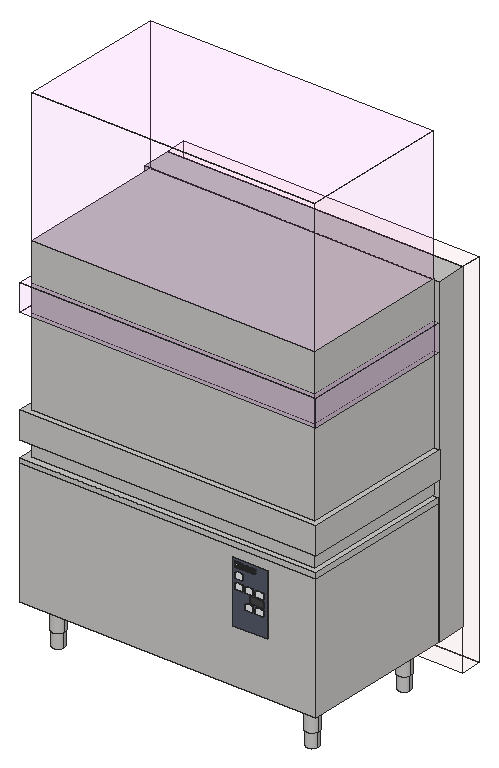
Revit family "QF_ELECTROLUXPROFESSIONAL_506066_EPPWEALMS", category Attrezzature speciali, Revit 2020
Family settings
  Quota connettore circolare = Usa diametro
  Tipo di parte = Normale
  Basato su piano di lavoro = No
  Sempre verticale = Sì
  Taglio con vuoti quando caricato = No
  Condiviso = No
  Punto di calcolo locali = No
Parameters (values of type "Standard")
  Weight = 270.00 kg
  Watts = 15500 W
  Volts = 400 V
  URL Manufacturer = "https://www.electroluxprofessional.com/"
  URL = "https://www.electroluxprofessional.com/"
  Steam Supply Size = 0 mm
  Steam Supply Minimum Pressure = 0.0 Pa
  Steam Supply Maximum Pressure = 0.0 Pa
  Steam Consumption per Hour = 0
  Show Logo [instance] = yes
  Show Clearance [instance] = yes
  Refrigeration Suction Line Size = 0 mm
  Refrigeration Liquid Line Size = 0 mm
  Refrigerant Compressor Remote = yes
  Prospetto di default = 0 mm
  Produttore = "Electrolux Professional"
  Phase = 3
  Modello = "EPPWEALMS"
  Length Actual = 1433 mm  # constant formula
  Item Number = "506066"
  Hot Water Size = 19.05 mm
  Height Actual = 1760 mm  # constant formula
  HP = "20.8 HP"
  Gas Size = 0 mm
  Gas KW = 0
  Gas Input Pressure = 0 W
  Direct Waste Size = 36 mm
  Descrizione = "POT&P WASH.,AUTO,FRONT/S,MULTIR.,1433MM"
  Depth Actual = 890 mm  # constant formula
  Cycle = 50 Hz
  Condensate Return Size = 0 mm
  Compressed Air Volume = 0.0 L/s
  Compressed Air Size = 0 mm
  Compressed Air Pressure = 0.0 Pa
  Cold Water Size = 19.05 mm
  Accessory = yes
Reference planes
  plane 1 "Center (Front/Back)": y = -5
  plane 2: z = 0
  plane 3: x = -63
  plane 4 "LEFT": x = -777
  plane 5: x = 651
  plane 6: y = -440
  plane 7 "BACK": y = 450
  plane 8: z = 1760
  plane 9: y = -334
  plane 10: x = -677
  plane 11: y = 221
  plane 12: x = 551
  plane 13: z = 800
  plane 14: y = 310
  plane 15: z = 2400
Forms (mm)
  Extrusion 1, solid, material "QF_Finishes_Stainless Steel"
    sketch origin (0, 0, 0) x (1, 0, 0) y (0, 1, 0)
      loop
        line (-777, 300) -> (-777, -440) -> (651, -440) -> (651, 300) -> (-777, 300)
    from 200 to 800
  Extrusion 2, solid, material "QF_Finishes_Clearance", visible <- "Show Clearance"
    sketch origin (0, 0, 0) x (1, 0, 0) y (0, 1, 0)
      loop
        line (-777, 450) -> (651, 450) -> (651, 550) -> (-777, 550) -> (-777, 450)
    from 0 to 1760
  Extrusion 3, solid, material "QF_Finishes_Stainless Steel"
    sketch origin (-402.159, 705.464, 194.383) x (1, 0, 0) y (0, 1, 0)
      loop
        circle (677.159, -777.464) r 10
    from -9.383 to 5.617
  Extrusion 4, solid, material "QF_Finishes_Stainless Steel"
    sketch origin (0, 0, 800) x (1, 0, 0) y (0, 1, 0)
      loop
        line (621, -409.3) -> (621, 310) -> (-747, 310) -> (-747, -409.3) -> (621, -409.3)
    from 25 to 960
  Extrusion 5, solid, material "QF_Finishes_Stainless Steel"
    sketch origin (0, 0, 600) x (1, 0, 0) y (0, 1, 0)
      loop
        line (-777, 300) -> (-777, -440) -> (651, -440) -> (651, 300) -> (-777, 300)
    from 200 to 225
  Extrusion 6, solid, material "QF_Finishes_Stainless Steel"
    sketch origin (0, 0, 30) x (1, 0, 0) y (0, 1, 0)
      loop
        line (-777, 310) -> (-777, -440) -> (651, -440) -> (651, 310) -> (621, 310) -> (621, -409.3) -> (-747, -409.3) -> (-747, 310) -> (-777, 310)
    from 870 to 1000
  Extrusion 7, solid, material "QF_Finishes_Stainless Steel"
    sketch origin (0, 0, 0) x (1, 0, 0) y (0, 1, 0)
      loop
        line (-777, 450) -> (-777, 310) -> (651, 310) -> (651, 450) -> (-777, 450)
    from 200 to 1760
  Extrusion 8, solid, material "QF_Finishes_Door Clearance", visible <- "Show Clearance"
    sketch origin (0, 0, 1440) x (1, 0, 0) y (0, 1, 0)
      loop
        line (621, -409.3) -> (621, 310) -> (-747, 310) -> (-747, -409.3) -> (621, -409.3)
    from 140 to 960
  Extrusion 9, solid, material "QF_Finishes_Door Clearance", visible <- "Show Clearance"
    sketch origin (0, 0, 580) x (1, 0, 0) y (0, 1, 0)
      loop
        line (-777, 310) -> (-777, -440) -> (651, -440) -> (651, 310) -> (621, 310) -> (621, -409.3) -> (-747, -409.3) -> (-747, 310) -> (-777, 310)
    from 870 to 1000
  Extrusion 10, solid, material "QF_Finishes_Stainless Steel"
    sketch origin (-85.596, 450, 43.977) x (1, 0, 0) y (0, 0, -1)
      loop
        line (707.596, -163.023) -> (707.596, -183.023) -> (727.596, -183.023) -> (727.596, -163.023) -> (707.596, -163.023)
    from 0 to 2
  Extrusion 11, solid, material "QF_Finishes_Stainless Steel"
    sketch origin (-452.159, 655.464, 194.383) x (1, 0, 0) y (0, 1, 0)
      loop
        circle (677.159, -777.464) r 10
    from -9.383 to 5.617
  Extrusion 12, solid, material "QF_Finishes_Stainless Steel"
    sketch origin (-459.159, 655.464, 194.383) x (1, 0, 0) y (0, 1, 0)
      loop
        circle (377.159, -762.464) r 10
    from -9.383 to 5.617
  Extrusion 13, solid, material "QF_Finishes_Stainless Steel"
    sketch origin (609.404, -63.023, 198) x (0, -1, 0) y (1, 0, 0)
      loop
        line (-163.023, 6.596) -> (-163.023, 26.596) -> (-183.023, 26.596) -> (-183.023, 6.596) -> (-163.023, 6.596)
    from 0 to 2
Cuts and joins
  joined: Extrusion 4, Extrusion 6
Dimensions and locks
  plane 7 "BACK" to plane 6 = 890 mm  (x2)
  plane 4 "LEFT" to plane 5 = 1428 mm
  equal spacing: plane 5, plane 3, plane 4 "LEFT"
  Extrusion 5 to Extrusion 2 = 825 mm
  Extrusion 4 to Extrusion 5 = 935 mm
  plane 8 to level = 1760 mm
  plane 11 to plane 9 = 555 mm
  level to plane 8 = 1760 mm
  level to plane 15 = 2400 mm
  plane 15 to level = 2400 mm
  aligned and locked: level to plane 2
  aligned and locked: Extrusion 1 to plane 6
Automatic sketch dimensions
  Extrusion 2 sketch curve to plane 4 "LEFT" = 0 mm
  Extrusion 2 sketch curve to plane 5 = 0 mm
  Extrusion 2 sketch curve to plane 7 "BACK" = 0 mm
  Extrusion 2 sketch curve to Extrusion 2 sketch curve = 100 mm
  Extrusion 4 sketch curve to plane 14 = 0 mm
  plane 4 "LEFT" to Extrusion 4 sketch curve = 30 mm
  Extrusion 4 sketch curve to plane 5 = 30 mm
  Extrusion 7 sketch curve to plane 4 "LEFT" = 0 mm
  Extrusion 7 sketch curve to plane 5 = 0 mm
  Extrusion 7 sketch curve to plane 14 = 0 mm
  Extrusion 7 sketch curve to plane 7 "BACK" = 0 mm
  Extrusion 8 sketch curve to plane 14 = 0 mm
  plane 4 "LEFT" to Extrusion 8 sketch curve = 30 mm
  Extrusion 8 sketch curve to plane 5 = 30 mm
  Extrusion 10 sketch curve to plane 5 = 29 mm
  Extrusion 10 sketch curve to plane 5 = 9 mm
  level to Extrusion 10 sketch curve = 227 mm
  Extrusion 10 sketch curve to Extrusion 10 sketch curve = 20 mm
  Extrusion 1 sketch curve to plane 4 "LEFT" = 0 mm
  Extrusion 1 sketch curve to plane 5 = 0 mm
  Extrusion 1 sketch curve to plane 6 = 0 mm
  Extrusion 1 sketch curve to plane 14 = 10 mm
  Extrusion 5 sketch curve to plane 4 "LEFT" = 0 mm
  Extrusion 5 sketch curve to plane 5 = 0 mm
  Extrusion 5 sketch curve to plane 6 = 0 mm
  Extrusion 5 sketch curve to plane 14 = 10 mm
  Extrusion 6 sketch curve to plane 4 "LEFT" = 0 mm
  Extrusion 6 sketch curve to plane 14 = 0 mm  (x2)
  Extrusion 6 sketch curve to plane 5 = 0 mm
  Extrusion 6 sketch curve to plane 6 = 0 mm
  plane 4 "LEFT" to Extrusion 6 sketch curve = 30 mm
  Extrusion 6 sketch curve to plane 5 = 30 mm
  Extrusion 9 sketch curve to plane 4 "LEFT" = 0 mm
  Extrusion 9 sketch curve to plane 14 = 0 mm  (x2)
  Extrusion 9 sketch curve to plane 5 = 0 mm
  Extrusion 9 sketch curve to plane 6 = 0 mm
  plane 4 "LEFT" to Extrusion 9 sketch curve = 30 mm
  Extrusion 9 sketch curve to plane 5 = 30 mm
  plane 4 "LEFT" to Extrusion 12 sketch curve = 695 mm
  plane 6 to Extrusion 12 sketch curve = 333 mm
  plane 3 to Extrusion 3 sketch curve = 338 mm
  plane 6 to Extrusion 4 sketch curve = 30.7 mm
  plane 6 to Extrusion 6 sketch curve = 30.7 mm
  plane 6 to Extrusion 8 sketch curve = 30.7 mm
  plane 6 to Extrusion 9 sketch curve = 30.7 mm
  plane 3 to Extrusion 11 sketch curve = 288 mm
  plane 1 "Center (Front/Back)" to Extrusion 3 sketch curve = 67 mm
  plane 1 "Center (Front/Back)" to Extrusion 11 sketch curve = 117 mm
  Extrusion 13 sketch curve to plane 7 "BACK" = 330 mm
  Extrusion 13 sketch curve to Extrusion 13 sketch curve = 20 mm  (x2)
  Extrusion 13 sketch curve to plane 5 = 35 mm
  radius of Extrusion 3 sketch curve = 10 mm
  radius of Extrusion 11 sketch curve = 10 mm
  radius of Extrusion 12 sketch curve = 10 mm
Nested families
  nested 1: "Piedino H200 - DISHWASHING" at (-677, -334, 0), type "Piedino H200 - DISHWASHING"
    with H 200 mm
  nested 2: "Piedino H200 - DISHWASHING" at (-677, 221, 0), type "Piedino H200 - DISHWASHING"
    with H 200 mm
  nested 3: "Piedino H200 - DISHWASHING" at (551, -334, 0) x (-1, 0, 0) z (0, 0, 1), type "Piedino H200 - DISHWASHING"
    with H 200 mm
  nested 4: "Piedino H200 - DISHWASHING" at (551, 221, 0) x (-1, 0, 0) z (0, 0, 1), type "Piedino H200 - DISHWASHING"
    with H 200 mm
  nested 5: "Tastierino_LARGE_ROUNCORNER_DISHWASHING_BLUE" at (334.061, -440, 606.153) x (-1, 0, 0) z (0, -1, 0), type "Tastierino_LARGE_ROUNCORNER_DISHWASHING_BLUE"
    with Show Logo yes
  nested 6: "ELX_LOGO_MONO_SMALL_WHITE" at (262.14, -440.8, 681.153) x (-1, 0, 0) z (0, -1, 0), visible <- "Show Logo", Show Logo <- "Show Logo", type "ELX_LOGO_MONO_SMALL_WHITE"
    with Show Logo yes
  nested 7: "ELX_LOGO_WORDS_WHITE" at (324.061, -440.8, 730.364) x (1, 0, 0) z (0, -1, 0), visible <- "Show Logo", Show Logo <- "Show Logo", type "ELX_LOGO_WORDS_WHITE"
    with Show Logo yes
Connectors
  piping at (275, -72, 185), diameter 12.9
    settings: on Extrusion 3, index 54, connector inside diameter 609.6 mm, connector length 0 mm, flow factor 0, pipe flow 0.0 L/s, pressure drop 0.0 Pa, fitting loss kfactor 0, connector angle 0.00°, fixture units 0, engagement length 0 mm, angle of deflection 0.00°, flow configuration 0, flow direction 0, fitting loss method 0, system type 29, joint type 0, gender type 0, connector reference index -1, connector utility 0, adjustable connector no, is connector primary yes, connector description "XD"
  electrical at (632, 450, 217)
    settings: on Extrusion 10, index 72, voltage 0 V, apparent load 0 VA, apparent load phase1 0 VA, apparent load phase2 0 VA, apparent load phase3 0 VA, power factor 1, load classification "Altro", number of poles 1, system type 30, power factor state 1, is connector primary yes, connector utility no, sub classification motor no, connector description "EQ"
  piping at (225, -122, 185), diameter 12.9
    settings: on Extrusion 11, index 73, connector inside diameter 609.6 mm, connector length 0 mm, flow factor 0, pipe flow 0.0 L/s, pressure drop 0.0 Pa, fitting loss kfactor 0, connector angle 0.00°, fixture units 0, engagement length 0 mm, angle of deflection 0.00°, flow configuration 0, flow direction 0, fitting loss method 0, system type 29, joint type 0, gender type 0, connector reference index -1, connector utility 0, adjustable connector no, is connector primary no, connector description "HWI"
  piping at (-82, -107, 185), diameter 12.9
    settings: on Extrusion 12, index 74, connector inside diameter 609.6 mm, connector length 0 mm, flow factor 0, pipe flow 0.0 L/s, pressure drop 0.0 Pa, fitting loss kfactor 0, connector angle 0.00°, fixture units 0, engagement length 0 mm, angle of deflection 0.00°, flow configuration 0, flow direction 0, fitting loss method 0, system type 29, joint type 0, gender type 0, connector reference index -1, connector utility 0, adjustable connector no, is connector primary no, connector description "D"
  electrical at (626, 110, 198)
    settings: on Extrusion 13, index 75, voltage 0 V, apparent load 0 VA, apparent load phase1 0 VA, apparent load phase2 0 VA, apparent load phase3 0 VA, power factor 1, load classification "Altro", number of poles 1, system type 30, power factor state 1, is connector primary no, connector utility no, sub classification motor no, connector description "EI"
Definition of nested family "Piedino H200 - DISHWASHING"
  Parameters (values of type "Piedino H200 - DISHWASHING")
    Default Elevation = 0 mm
    H [instance] = 200 mm
  Reference planes
    plane 1 "Centro (Fronte/Retro)": y = 0
    plane 2: z = 0
    plane 3 "Centro (Sinistra/Destra)": x = 0
    plane 4: z = 70.047
  Forms (mm)
    Revolve 1, solid
      sketch origin (55, 0, 0) x (-1, 0, 0) y (0, 0, -1)
        loop
          line (55, 0) -> (27.6, 0) -> (27.6, -70.047) -> (22.6, -70.047) -> (22.6, -200) -> (55, -200) -> (55, 0)
        axis (55, 0) -> (55, -200)
      angle from 0 to 360
  Dimensions and locks
    "H": Revolve 1 to plane 2
    aligned and locked: level to plane 2
  Automatic sketch dimensions
    Revolve 1 sketch curve to plane 4 = 0 mm
    Revolve 1 sketch curve to level = 0 mm
    Revolve 1 sketch curve to plane 3 "Centro (Sinistra/Destra)" = 0 mm  (x2)
    plane 3 "Centro (Sinistra/Destra)" to Revolve 1 sketch curve = 27.4 mm
    Revolve 1 sketch curve to Revolve 1 sketch curve = 5 mm
    Revolve 1 sketch curve to plane 4 = 129.953 mm
    Revolve 1 sketch curve to Revolve 1 sketch curve = 0 mm
    Revolve 1 sketch curve to Revolve 1 sketch curve = 20 mm
Definition of nested family "Tastierino_LARGE_ROUNCORNER_DISHWASHING_BLUE"
  Parameters
    Show Logo [instance] = yes
    Default Elevation = 1219.2 mm
  Reference planes
    plane 1 "Centro (Fronte/Retro)": y = 0
    plane 2: z = 0
    plane 3 "Centro (Sinistra/Destra)": x = 0
  Forms (mm)
    Extrusion 1, solid
      sketch origin (0, 0, 0) x (1, 0, 0) y (0, 1, 0)
        loop
          line (-1219.2, 1219.2) -> (-1219.2, -1219.2) -> (1219.2, -1219.2) -> (1219.2, 1219.2) -> (-1219.2, 1219.2)
      from 0 to -304.8
    Extrusion 2, solid
      sketch origin (0, 0, 0) x (1, 0, 0) y (0, 1, 0)
        loop
          line (-84.444, 147.62) -> (-84.444, -147.62) -> (84.444, -147.62) -> (84.444, 147.62) -> (-84.444, 147.62)
        loop
          arc (-63.183, 58.723) -> (-64.598, 58.137) -> (-65.183, 56.723) r 2
          line (-65.183, 56.723) -> (-65.183, 30.723)
          arc (-65.183, 30.723) -> (-64.598, 29.308) -> (-63.183, 28.723) r 2
          line (-63.183, 28.723) -> (-40.183, 28.723)
          arc (-40.183, 28.723) -> (-29.577, 33.116) -> (-25.183, 43.723) r 15
          line (-25.183, 43.723) -> (-25.183, 56.723)
          arc (-25.183, 56.723) -> (-25.769, 58.137) -> (-27.183, 58.723) r 2
          line (-27.183, 58.723) -> (-63.183, 58.723)
        loop
          line (-65.183, 22.208) -> (-65.183, -7.792) -> (0, -7.792) -> (0, 22.208) -> (-65.183, 22.208)
        loop
          arc (-13.183, 58.723) -> (-14.598, 58.137) -> (-15.183, 56.723) r 2
          line (-15.183, 56.723) -> (-15.183, 30.723)
          arc (-15.183, 30.723) -> (-14.598, 29.308) -> (-13.183, 28.723) r 2
          line (-13.183, 28.723) -> (9.817, 28.723)
          arc (9.817, 28.723) -> (20.423, 33.116) -> (24.817, 43.723) r 15
          line (24.817, 43.723) -> (24.817, 56.723)
          arc (24.817, 56.723) -> (24.231, 58.137) -> (22.817, 58.723) r 2
          line (22.817, 58.723) -> (-13.183, 58.723)
        loop
          arc (-63.183, -16.277) -> (-64.598, -16.863) -> (-65.183, -18.277) r 2
          line (-65.183, -18.277) -> (-65.183, -44.277)
          arc (-65.183, -44.277) -> (-64.598, -45.692) -> (-63.183, -46.277) r 2
          line (-63.183, -46.277) -> (-40.183, -46.277)
          arc (-40.183, -46.277) -> (-29.577, -41.884) -> (-25.183, -31.277) r 15
          line (-25.183, -31.277) -> (-25.183, -18.277)
          arc (-25.183, -18.277) -> (-25.769, -16.863) -> (-27.183, -16.277) r 2
          line (-27.183, -16.277) -> (-63.183, -16.277)
        loop
          arc (-13.183, -16.277) -> (-14.598, -16.863) -> (-15.183, -18.277) r 2
          line (-15.183, -18.277) -> (-15.183, -44.277)
          arc (-15.183, -44.277) -> (-14.598, -45.692) -> (-13.183, -46.277) r 2
          line (-13.183, -46.277) -> (9.817, -46.277)
          arc (9.817, -46.277) -> (20.423, -41.884) -> (24.817, -31.277) r 15
          line (24.817, -31.277) -> (24.817, -18.277)
          arc (24.817, -18.277) -> (24.231, -16.863) -> (22.817, -16.277) r 2
          line (22.817, -16.277) -> (-13.183, -16.277)
        loop
          arc (36.817, -16.277) -> (35.402, -16.863) -> (34.817, -18.277) r 2
          line (34.817, -18.277) -> (34.817, -44.277)
          arc (34.817, -44.277) -> (35.402, -45.692) -> (36.817, -46.277) r 2
          line (36.817, -46.277) -> (59.817, -46.277)
          arc (59.817, -46.277) -> (70.423, -41.884) -> (74.817, -31.277) r 15
          line (74.817, -31.277) -> (74.817, -18.277)
          arc (74.817, -18.277) -> (74.231, -16.863) -> (72.817, -16.277) r 2
          line (72.817, -16.277) -> (36.817, -16.277)
        loop
          arc (36.817, -61.277) -> (35.402, -61.863) -> (34.817, -63.277) r 2
          line (34.817, -63.277) -> (34.817, -89.277)
          arc (34.817, -89.277) -> (35.402, -90.692) -> (36.817, -91.277) r 2
          line (36.817, -91.277) -> (59.817, -91.277)
          arc (59.817, -91.277) -> (70.423, -86.884) -> (74.817, -76.277) r 15
          line (74.817, -76.277) -> (74.817, -63.277)
          arc (74.817, -63.277) -> (74.231, -61.863) -> (72.817, -61.277) r 2
          line (72.817, -61.277) -> (36.817, -61.277)
      from 0 to 0.8
    Extrusion 3, solid
      sketch origin (0, 0, 0) x (1, 0, 0) y (0, 1, 0)
        loop
          line (-65.183, 22.208) -> (-65.183, -7.792) -> (0, -7.792) -> (0, 22.208) -> (-65.183, 22.208)
      from 0 to 0.8
    Extrusion 4, solid
      sketch origin (0, 0, 0) x (1, 0, 0) y (0, 1, 0)
        loop
          arc (-63.183, 58.723) -> (-64.598, 58.137) -> (-65.183, 56.723) r 2
          line (-65.183, 56.723) -> (-65.183, 30.723)
          arc (-65.183, 30.723) -> (-64.598, 29.308) -> (-63.183, 28.723) r 2
          line (-63.183, 28.723) -> (-40.183, 28.723)
          arc (-40.183, 28.723) -> (-29.577, 33.116) -> (-25.183, 43.723) r 15
          line (-25.183, 43.723) -> (-25.183, 56.723)
          arc (-25.183, 56.723) -> (-25.769, 58.137) -> (-27.183, 58.723) r 2
          line (-27.183, 58.723) -> (-63.183, 58.723)
        loop
          arc (-13.183, 58.723) -> (-14.598, 58.137) -> (-15.183, 56.723) r 2
          line (-15.183, 56.723) -> (-15.183, 30.723)
          arc (-15.183, 30.723) -> (-14.598, 29.308) -> (-13.183, 28.723) r 2
          line (-13.183, 28.723) -> (9.817, 28.723)
          arc (9.817, 28.723) -> (20.423, 33.116) -> (24.817, 43.723) r 15
          line (24.817, 43.723) -> (24.817, 56.723)
          arc (24.817, 56.723) -> (24.231, 58.137) -> (22.817, 58.723) r 2
          line (22.817, 58.723) -> (-13.183, 58.723)
        loop
          arc (-63.183, -16.277) -> (-64.598, -16.863) -> (-65.183, -18.277) r 2
          line (-65.183, -18.277) -> (-65.183, -44.277)
          arc (-65.183, -44.277) -> (-64.598, -45.692) -> (-63.183, -46.277) r 2
          line (-63.183, -46.277) -> (-40.183, -46.277)
          arc (-40.183, -46.277) -> (-29.577, -41.884) -> (-25.183, -31.277) r 15
          line (-25.183, -31.277) -> (-25.183, -18.277)
          arc (-25.183, -18.277) -> (-25.769, -16.863) -> (-27.183, -16.277) r 2
          line (-27.183, -16.277) -> (-63.183, -16.277)
        loop
          arc (-13.183, -16.277) -> (-14.598, -16.863) -> (-15.183, -18.277) r 2
          line (-15.183, -18.277) -> (-15.183, -44.277)
          arc (-15.183, -44.277) -> (-14.598, -45.692) -> (-13.183, -46.277) r 2
          line (-13.183, -46.277) -> (9.817, -46.277)
          arc (9.817, -46.277) -> (20.423, -41.884) -> (24.817, -31.277) r 15
          line (24.817, -31.277) -> (24.817, -18.277)
          arc (24.817, -18.277) -> (24.231, -16.863) -> (22.817, -16.277) r 2
          line (22.817, -16.277) -> (-13.183, -16.277)
        loop
          arc (36.817, -16.277) -> (35.402, -16.863) -> (34.817, -18.277) r 2
          line (34.817, -18.277) -> (34.817, -44.277)
          arc (34.817, -44.277) -> (35.402, -45.692) -> (36.817, -46.277) r 2
          line (36.817, -46.277) -> (59.817, -46.277)
          arc (59.817, -46.277) -> (70.423, -41.884) -> (74.817, -31.277) r 15
          line (74.817, -31.277) -> (74.817, -18.277)
          arc (74.817, -18.277) -> (74.231, -16.863) -> (72.817, -16.277) r 2
          line (72.817, -16.277) -> (36.817, -16.277)
        loop
          arc (36.817, -61.277) -> (35.402, -61.863) -> (34.817, -63.277) r 2
          line (34.817, -63.277) -> (34.817, -89.277)
          arc (34.817, -89.277) -> (35.402, -90.692) -> (36.817, -91.277) r 2
          line (36.817, -91.277) -> (59.817, -91.277)
          arc (59.817, -91.277) -> (70.423, -86.884) -> (74.817, -76.277) r 15
          line (74.817, -76.277) -> (74.817, -63.277)
          arc (74.817, -63.277) -> (74.231, -61.863) -> (72.817, -61.277) r 2
          line (72.817, -61.277) -> (36.817, -61.277)
      from 0 to 0.8
  Dimensions and locks
    aligned and locked: plane 2 to Extrusion 1
    aligned and locked: level to Extrusion 1
Definition of nested family "ELX_LOGO_MONO_SMALL_WHITE"
  Parameters (values of type "ELX_LOGO_MONO_SMALL_WHITE")
    Show Logo [instance] = yes
    Default Elevation = 1219.2 mm
  Reference planes
    plane 1 "Center (Front/Back)": y = -49
    plane 2: z = 0
    plane 3 "Center (Left/Right)": x = -9.92
  Forms (mm)
    Extrusion 1, solid
      sketch origin (0, 0, 0) x (1, 0, 0) y (0, 1, 0)
        loop
          line (-1219.2, 1219.2) -> (-1219.2, -1219.2) -> (1219.2, -1219.2) -> (1219.2, 1219.2) -> (-1219.2, 1219.2)
      from 0 to -304.8
    Extrusion 2, solid, visible <- "Show Logo"
      sketch origin (84.462, 509.781, 0) x (1, 0, 0) y (0, 1, 0)
        loop
          line (-97.736, -569.727) -> (-97.736, -547.891)
          arc (-97.736, -547.891) -> (-105.808, -558.809) -> (-97.736, -569.727) r 11.42
        loop
          arc (-96.625, -569.727) -> (-87.544, -567.663) -> (-83.169, -559.442) r 11.191
          line (-83.169, -559.442) -> (-86.782, -559.442)
          arc (-86.782, -559.442) -> (-93.235, -562.062) -> (-96.625, -568.146) r 10.49
          line (-96.625, -568.146) -> (-96.625, -569.727)
        loop
          arc (-96.625, -549.472) -> (-93.235, -555.557) -> (-86.782, -558.176) r 10.49
          line (-86.782, -558.176) -> (-83.169, -558.176)
          arc (-83.169, -558.176) -> (-87.537, -549.888) -> (-96.625, -547.611) r 11.484
          line (-96.625, -547.611) -> (-96.625, -549.472)
        loop
          line (-82.34, -570.919) -> (-82.34, -546.65) -> (-106.642, -546.65) -> (-106.642, -570.919) -> (-82.34, -570.919)
      from 0 to 1.644
  Dimensions and locks
    aligned and locked: plane 2 to Extrusion 1
    aligned and locked: level to Extrusion 1
Definition of nested family "ELX_LOGO_WORDS_WHITE"
  Parameters (values of type "ELX_LOGO_WORDS_WHITE")
    Show Logo [instance] = yes
    Default Elevation = 0 mm
  Reference planes
    plane 1 "Centro (Fronte/Retro)": y = 0
    plane 2: z = 0
    plane 3 "Centro (Sinistra/Destra)": x = 0
  Forms (mm)
    Extrusion 1, solid
      sketch origin (0, 0, 0) x (1, 0, 0) y (0, 1, 0)
        loop
          line (-1219.2, 1219.2) -> (-1219.2, -1219.2) -> (1219.2, -1219.2) -> (1219.2, 1219.2) -> (-1219.2, 1219.2)
      from 0 to -304.8
    Extrusion 2, solid, visible <- "Show Logo"
      sketch origin (0, 0, 0) x (1, 0, 0) y (0, 1, 0)
        loop
          line (-30.234, 10.561) -> (-37.67, 10.561) -> (-37.67, 1.902)
          arc (-37.67, 1.902) -> (-36.691, -0.461) -> (-34.329, -1.439) r 3.341
          line (-34.329, -1.439) -> (-30.09, -1.439) -> (-30.09, 0.503) -> (-33.845, 0.503)
          arc (-33.845, 0.503) -> (-35.079, 0.92) -> (-35.604, 2.112) r 1.615
          line (-35.604, 2.112) -> (-35.604, 3.829) -> (-30.555, 3.829) -> (-30.555, 5.779) -> (-35.604, 5.779) -> (-35.604, 8.617) -> (-30.234, 8.617) -> (-30.234, 10.561)
        loop
          line (-28.622, 10.561) -> (-28.622, -1.439) -> (-26.555, -1.439) -> (-26.555, 10.561) -> (-28.622, 10.561)
        loop
          line (16.27, 10.561) -> (16.27, -1.439) -> (18.338, -1.439) -> (18.338, 10.561) -> (16.27, 10.561)
        loop
          line (-23.137, 2.393) -> (-16.354, 2.393)
          arc (-16.354, 2.393) -> (-17.415, 6.119) -> (-21.043, 7.478) r 4.298
          arc (-21.043, 7.478) -> (-24.239, 5.857) -> (-25.151, 2.393) r 4.373
          arc (-25.151, 2.393) -> (-23.951, -0.505) -> (-21.053, -1.705) r 4.097
          arc (-21.053, -1.705) -> (-18.799, -1.372) -> (-16.908, -0.099) r 5.15
          line (-16.908, -0.099) -> (-18.133, 1.125)
          arc (-18.133, 1.125) -> (-19.74, 0.161) -> (-21.607, 0.323) r 3.039
          arc (-21.607, 0.323) -> (-22.746, 1.081) -> (-23.137, 2.393) r 2.013
        loop
          line (-23.085, 3.846) -> (-18.431, 3.846)
          arc (-18.431, 3.846) -> (-19.084, 5.22) -> (-20.519, 5.727) r 1.983
          arc (-20.519, 5.727) -> (-22.175, 5.295) -> (-23.085, 3.846) r 2.321
        loop
          line (-8.297, 4.711) -> (-6.999, 6.009)
          arc (-6.999, 6.009) -> (-8.627, 7.187) -> (-10.604, 7.539) r 4.497
          arc (-10.604, 7.539) -> (-13.621, 6.437) -> (-15.204, 3.642) r 4.652
          arc (-15.204, 3.642) -> (-12.536, -1.257) -> (-7.072, -0.127) r 4.684
          line (-7.072, -0.127) -> (-8.363, 1.163)
          arc (-8.363, 1.163) -> (-11.149, 0.242) -> (-13.145, 2.393) r 2.714
          arc (-13.145, 2.393) -> (-13.006, 4.094) -> (-11.835, 5.335) r 2.578
          arc (-11.835, 5.335) -> (-9.96, 5.621) -> (-8.297, 4.711) r 2.961
        loop
          line (-5.73, 10.561) -> (-5.73, 2.36)
          arc (-5.73, 2.36) -> (-5.551, 1.13) -> (-5.09, -0.025) r 5.301
          arc (-5.09, -0.025) -> (-3.615, -1.198) -> (-1.746, -1.445) r 3.531
          line (-1.746, -1.445) -> (-1.746, 0.492)
          arc (-1.746, 0.492) -> (-2.302, 0.534) -> (-2.82, 0.74) r 1.862
          arc (-2.82, 0.74) -> (-3.484, 1.442) -> (-3.662, 2.393) r 1.713
          line (-3.662, 2.393) -> (-3.662, 5.362) -> (-1.785, 5.362) -> (-1.785, 7.24) -> (-3.662, 7.24) -> (-3.662, 10.561) -> (-5.73, 10.561)
        loop
          arc (2.004, 3.123) -> (2.152, 3.988) -> (2.578, 4.755) r 2.607
          arc (2.578, 4.755) -> (3.817, 5.391) -> (5.208, 5.362) r 2.84
          line (5.208, 5.362) -> (5.208, 7.349)
          arc (5.208, 7.349) -> (3.39, 7.177) -> (2.004, 5.989) r 3.016
          line (2.004, 5.989) -> (2.004, 7.24) -> (-0.046, 7.24) -> (-0.046, -1.439) -> (2.004, -1.439) -> (2.004, 3.123)
        loop
          circle (10.262, 2.899) r 4.599
        loop
          circle (10.262, 2.899) r 2.787
        loop
          arc (25.793, 2.175) -> (25.283, 0.772) -> (23.898, 0.213) r 1.835
          arc (23.898, 0.213) -> (22.514, 0.772) -> (22.004, 2.175) r 1.835
          line (22.004, 2.175) -> (22.004, 7.24) -> (19.919, 7.24) -> (19.919, 2.003)
          arc (19.919, 2.003) -> (21.105, -0.701) -> (23.898, -1.659) r 3.675
          arc (23.898, -1.659) -> (26.723, -0.672) -> (27.877, 2.088) r 3.675
          line (27.877, 2.088) -> (27.877, 7.24) -> (25.793, 7.24) -> (25.793, 2.175)
        loop
          line (29.126, 7.24) -> (32.128, 3.164) -> (28.83, -1.442) -> (31.052, -1.442) -> (33.241, 1.615) -> (35.462, -1.442) -> (37.67, -1.442) -> (34.419, 3.211) -> (37.392, 7.24) -> (35.135, 7.24) -> (33.234, 4.663) -> (31.362, 7.24) -> (29.126, 7.24)
        loop
          line (-35.875, -6.414) -> (-37.523, -6.414) -> (-37.523, -10.564) -> (-36.621, -10.564) -> (-36.621, -9.135) -> (-35.625, -9.135)
          arc (-35.625, -9.135) -> (-34.509, -7.66) -> (-35.875, -6.414) r 1.372
        loop
          arc (-35.664, -8.32) -> (-35.322, -7.786) -> (-35.664, -7.253) r 0.587
          line (-35.664, -7.253) -> (-36.621, -7.253) -> (-36.621, -8.32) -> (-35.664, -8.32)
        loop
          line (-29.363, -6.414) -> (-31.04, -6.414) -> (-31.04, -10.564) -> (-30.138, -10.564) -> (-30.138, -9.135) -> (-29.265, -9.135) -> (-28.669, -10.564) -> (-27.7, -10.564) -> (-28.516, -8.814)
          arc (-28.516, -8.814) -> (-28.125, -8.347) -> (-27.994, -7.752) r 1.281
          arc (-27.994, -7.752) -> (-28.406, -6.804) -> (-29.363, -6.414) r 1.37
        loop
          line (-30.138, -7.253) -> (-30.138, -8.32) -> (-29.18, -8.32)
          arc (-29.18, -8.32) -> (-28.839, -7.786) -> (-29.18, -7.253) r 0.587
          line (-29.18, -7.253) -> (-30.138, -7.253)
        loop
          circle (-22.402, -8.489) r 2.156
        loop
          circle (-22.402, -8.489) r 1.368
        loop
          line (-16.703, -6.414) -> (-16.703, -10.564) -> (-15.823, -10.564) -> (-15.823, -9.114) -> (-14.261, -9.114) -> (-14.261, -8.184) -> (-15.823, -8.184) -> (-15.823, -7.308) -> (-14.111, -7.308) -> (-14.111, -6.414) -> (-16.703, -6.414)
        loop
          line (-10.611, -6.414) -> (-10.611, -9.216)
          arc (-10.611, -9.216) -> (-10.229, -10.166) -> (-9.284, -10.561) r 1.327
          line (-9.284, -10.561) -> (-7.945, -10.561) -> (-7.945, -9.777) -> (-9.204, -9.777)
          arc (-9.204, -9.777) -> (-9.668, -9.394) -> (-9.759, -8.799) r 0.845
          line (-9.759, -8.799) -> (-8.1, -8.799) -> (-8.1, -8.015) -> (-9.759, -8.015) -> (-9.759, -7.198) -> (-7.985, -7.198) -> (-7.985, -6.414) -> (-10.611, -6.414)
        loop
          arc (4.417, -6.94) -> (3.867, -6.489) -> (3.171, -6.345) r 1.485
          arc (3.171, -6.345) -> (2.528, -6.503) -> (2, -6.902) r 1.645
          arc (2, -6.902) -> (1.902, -7.844) -> (2.51, -8.571) r 1.217
          arc (2.51, -8.571) -> (3.021, -8.741) -> (3.506, -8.976) r 4.201
          arc (3.506, -8.976) -> (3.812, -9.337) -> (3.601, -9.761) r 0.43
          arc (3.601, -9.761) -> (3.209, -9.853) -> (2.819, -9.754) r 0.846
          arc (2.819, -9.754) -> (2.482, -9.511) -> (2.275, -9.15) r 0.983
          line (2.275, -9.15) -> (1.549, -9.489)
          arc (1.549, -9.489) -> (1.811, -9.993) -> (2.232, -10.374) r 1.595
          arc (2.232, -10.374) -> (2.71, -10.578) -> (3.227, -10.63) r 1.719
          arc (3.227, -10.63) -> (3.867, -10.503) -> (4.442, -10.197) r 2.246
          arc (4.442, -10.197) -> (4.697, -9.52) -> (4.566, -8.81) r 1.349
          arc (4.566, -8.81) -> (4.282, -8.482) -> (3.919, -8.245) r 1.564
          arc (3.919, -8.245) -> (3.46, -8.04) -> (2.99, -7.864) r 8.236
          arc (2.99, -7.864) -> (2.718, -7.441) -> (3.111, -7.128) r 0.375
          arc (3.111, -7.128) -> (3.581, -7.241) -> (3.943, -7.563) r 0.998
          line (3.943, -7.563) -> (4.417, -6.94)
        loop
          line (8.225, -6.414) -> (8.225, -10.561) -> (9.077, -10.561) -> (9.077, -6.414) -> (8.225, -6.414)
        loop
          circle (14.827, -8.488) r 1.29
        loop
          circle (14.827, -8.488) r 2.154
        loop
          line (20.548, -10.561) -> (21.409, -10.561) -> (21.409, -7.954) -> (23.306, -10.561) -> (24.135, -10.561) -> (24.135, -6.414) -> (23.274, -6.414) -> (23.274, -9.101) -> (21.377, -6.414) -> (20.548, -6.414) -> (20.548, -10.561)
        loop
          line (28.435, -10.561) -> (28.839, -9.667) -> (30.373, -9.667) -> (30.777, -10.561) -> (31.693, -10.561) -> (29.942, -6.414) -> (29.142, -6.414) -> (27.519, -10.561) -> (28.435, -10.561)
        loop
          line (29.99, -8.816) -> (29.579, -7.905) -> (29.18, -8.816) -> (29.99, -8.816)
        loop
          line (35.929, -9.777) -> (35.929, -6.414) -> (35.076, -6.414) -> (35.076, -10.561) -> (37.523, -10.561) -> (37.523, -9.777) -> (35.929, -9.777)
        loop
          arc (-1.8, -6.94) -> (-2.35, -6.489) -> (-3.046, -6.345) r 1.485
          arc (-3.046, -6.345) -> (-3.689, -6.503) -> (-4.218, -6.902) r 1.645
          arc (-4.218, -6.902) -> (-4.316, -7.844) -> (-3.708, -8.571) r 1.217
          arc (-3.708, -8.571) -> (-3.197, -8.741) -> (-2.712, -8.976) r 4.201
          arc (-2.712, -8.976) -> (-2.405, -9.337) -> (-2.616, -9.761) r 0.43
          arc (-2.616, -9.761) -> (-3.008, -9.853) -> (-3.399, -9.754) r 0.846
          arc (-3.399, -9.754) -> (-3.736, -9.511) -> (-3.942, -9.15) r 0.983
          line (-3.942, -9.15) -> (-4.668, -9.489)
          arc (-4.668, -9.489) -> (-4.407, -9.993) -> (-3.985, -10.374) r 1.595
          arc (-3.985, -10.374) -> (-3.507, -10.578) -> (-2.99, -10.63) r 1.719
          arc (-2.99, -10.63) -> (-2.351, -10.503) -> (-1.775, -10.197) r 2.246
          arc (-1.775, -10.197) -> (-1.521, -9.52) -> (-1.652, -8.81) r 1.349
          arc (-1.652, -8.81) -> (-1.936, -8.482) -> (-2.298, -8.245) r 1.564
          arc (-2.298, -8.245) -> (-2.757, -8.04) -> (-3.228, -7.864) r 8.236
          arc (-3.228, -7.864) -> (-3.5, -7.441) -> (-3.107, -7.128) r 0.375
          arc (-3.107, -7.128) -> (-2.636, -7.241) -> (-2.274, -7.563) r 0.998
          line (-2.274, -7.563) -> (-1.8, -6.94)
      from 0 to 1.644
  Dimensions and locks
    aligned and locked: plane 2 to Extrusion 1
    aligned and locked: level to Extrusion 1
